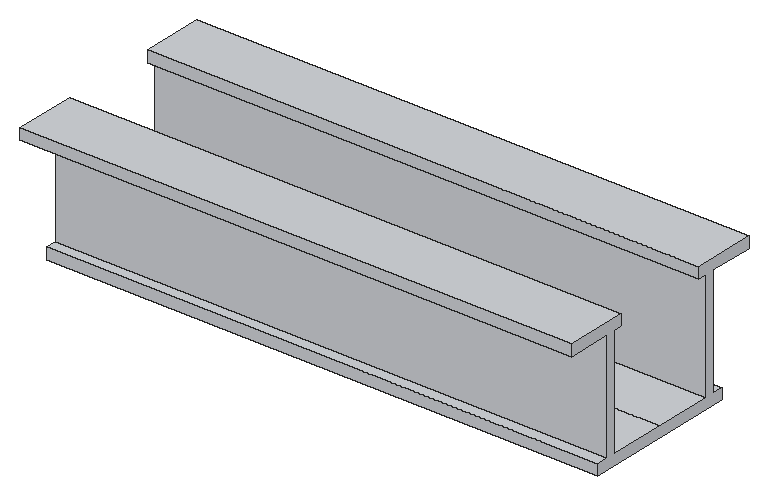
Revit family
Parameters
  material = none
  Length [instance] = 3000 mm
Reference planes
  plane 1 "Center (Front/Back)": y = 0
  plane 2 "Center Elevation": z = 0
  plane 3 "Center (Left/Right)": x = 0
  plane 4 "Left": x = -1500
  plane 5 "Member Left": x = -1250
  plane 6 "Stick Symbol Left": x = -1000
  plane 7 "Right": x = 1500
  plane 8 "Member Right": x = 1250
  plane 9 "Stick Symbol Right": x = 1000
  plane 10: y = 100
  plane 11: y = -100
  plane 12: z = 150
  plane 13: z = -150
Forms (mm)
  Extrusion 1, solid, material <- "material", detail levels medium+fine
    sketch origin (0, 0, 0) x (0, 1, 0) y (0, 0, 1)
      loop
        line (0, -160) -> (350, -160) -> (350, -110) -> (300, -110) -> (300, 390) -> (500, 390) -> (500, 440) -> (220, 440) -> (220, 390) -> (260, 390) -> (260, -110) -> (0, -110) -> (-260, -110) -> (-260, 390) -> (-220, 390) -> (-220, 440) -> (-500, 440) -> (-500, 390) -> (-300, 390) -> (-300, -110) -> (-350, -110) -> (-350, -160) -> (0, -160)
    from -1250 to 1250
Lines and regions (mm)
  model lines, style "Stick Symbols", detail levels coarse
    curve 1: line (-1000, 0, 0) -> (1000, 0, 0)
Dimensions and locks
  equal spacing: plane 4 "Left", plane 3 "Center (Left/Right)", plane 7 "Right"
  "Length": plane 4 "Left" to plane 7 "Right"
  aligned and locked: plane 5 "Member Left" to Extrusion 1
  aligned and locked: Extrusion 1 to plane 8 "Member Right"
  aligned and locked: plane 1 "Center (Front/Back)" to curve 1
  aligned and locked: plane 6 "Stick Symbol Left" to curve 1
  aligned and locked: plane 9 "Stick Symbol Right" to curve 1
Automatic sketch dimensions
  Extrusion 1 sketch curve to plane 11 = 120 mm
  Extrusion 1 sketch curve to plane 13 = 40 mm  (x2)
  Extrusion 1 sketch curve to plane 11 = 160 mm
  Extrusion 1 sketch curve to Extrusion 1 sketch curve = 40 mm  (x3)
  plane 13 to Extrusion 1 sketch curve = 10 mm
  Extrusion 1 sketch curve to Extrusion 1 sketch curve = 50 mm  (x4)
  Extrusion 1 sketch curve to Extrusion 1 sketch curve = 200 mm  (x2)
  plane 10 to Extrusion 1 sketch curve = 120 mm
  Extrusion 1 sketch curve to Extrusion 1 sketch curve = 0 mm  (x3)
  Extrusion 1 sketch curve to plane 12 = 240 mm  (x2)
  Extrusion 1 sketch curve to plane 1 "Center (Front/Back)" = 0 mm  (x2)
